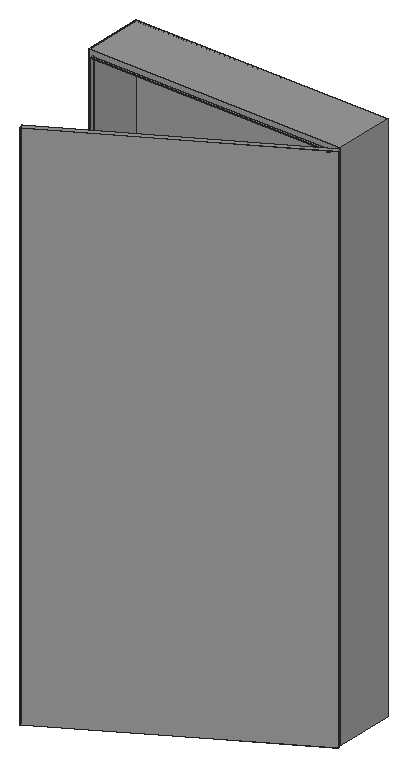
Revit family "Hager-Univers-IP44-D205-H1700-Cl.II-Encl-NoHosted-CH-it", category Electrical Equipment, Revit 2020
Family settings
  Panel Configuration = Two Columns, Circuits Across
  Round Connector Dimension = Use Diameter
  Part Type = Panelboard
  Work Plane-Based = Yes
  Always vertical = Yes
  Cut with Voids When Loaded = No
  Shared = No
  Room Calculation Point = No
Parameters (values of type "A parete IP44 L800 A1700 P205  - FP13SN2")
  Width Control [instance] = if([EF000008 - Larghezza] > Min Width, [EF000008 - Larghezza], Min Width)  # 800 mm
  Type Comments = [HG000003 - Gamma]  # "Univers"
  Thickness Door [instance] = if([EF009171 - spessore materiale porta/coperchio] > 3 mm, 3 mm, [EF009171 - spessore materiale porta/coperchio])  # 1 mm
  Seal Frame Offset [instance] = 17 mm  # constant formula
  Plinth Visibility [instance] = [HG000027 - Altezza dello zoccolo] > 0 mm  # no
  Min Width [instance] = 100 mm  # constant formula
  Min Depth [instance] = (2 * [EF009170 - spessore materiale scatola]) + 1 mm  # 3 mm
  Min Height [instance] = 100 mm  # constant formula
  Internal Frame Depth [instance] = (Door System Depth * 0.5)  # 9 mm
  Panel Name [instance] = ""  # (empty or 0)
  Model = ""
  HG000027 - Altezza dello zoccolo = 0 mm
  HG000026 - A pavimento = no
  HG000024 - Altezza della sezione inferiore = 600 mm
  HG000023 - Custodia a doppia sezione = no
  HG000016 - Visibilità delle porte nella vista 3D [instance] = yes
  HG000015 - Visibilità attraverso la porta [instance] = no
  HG000014 - Porta destra [instance] = yes
  HG000013 - Porta sinistra [instance] = not([HG000014 - Porta destra])  # no
  HG000012 - Angolo di apertura della porta [instance] = 30.00°
  HG000010 - Porte asimmetriche = no
  HG000009 - Porta doppia a battente = no
  HG000006 - Ad incasso = no
  HG000004 - Codice produttore = "FP13SN2"
  HG000003 - Gamma = "Univers"
  HG000002 - Con porta = yes
  Frame Offset Bottom [instance] = 10 mm  # constant formula
  Frame Offset [instance] = 15 mm  # constant formula
  EF015940 - Coprire con rilascio di sovrapressione = no
  EF011959 - tipo di protezione (NEMA) = ""
  EF009554 - numero delle aperture per la piastra della flangia = 6
  EF009212 - esecuzione coperchio = "EV000116 - chiuso"
  EF009171 - spessore materiale porta/coperchio = 1 mm
  EF009170 - spessore materiale scatola = 1 mm
  EF008873 - corrente nominale (In) = 400 A
  EF007800 - adatto per parafulmine = no
  EF006306 - con serratura = no
  EF006244 - coperchio/porta trasparente = no
  EF005474 - grado di protezione (IP) = "EV006418 - IP44"
  EF004464 - tipo di porta = "EV002646 - singolo"
  EF004427 - numero di moduli = 396
  EF004293 - resistenza agli urti = "EV006815 - IK09"
  EF003532 - adatto per uso esterno = no
  EF002950 - Numero moduli DIN = 36
  EF001613 - Integrità del circuito = "EV000494 - senza"
  EF001596 - Attacco Lampada = "EV000179 - acciaio"
  EF001131 - profondità interna = 143 mm
  EF001088 - possibilità di applicazione = yes
  EF000437 - numero di ingressi per conduttori = 6
  EF000339 - tipo di copertura = "EV001012 - coperchio"
  EF000266 - numero di file = 11
  EF000218 - profondità di incasso = 205 mm
  EF000118 - con piastra di montaggio = no
  EF000116 - numero RAL = "9010"
  EF000049 - profondità = 205 mm
  EF000040 - Altezza = 1700 mm
  EF000008 - Larghezza = 800 mm
  EF000007 - colore = "EV000202 - bianco"
  EF000003 - Tipo di montaggio = "EV000384 - A parete"
  Door System Leaf Tolerance [instance] = 1.5 mm  # constant formula
  Door System Depth [instance] = 18 mm  # constant formula
  Door Height [instance] = Height Control - [HG000027 - Altezza dello zoccolo]  # 1700 mm
  Description = ""
  Default Elevation = 1219.2 mm
  Connector Offset [instance] = Height Control / 2  # 850 mm
  Manufacturer = "Hager"  # constant formula
  Height Control [instance] = if([EF000040 - Altezza] > Min Height, [EF000040 - Altezza], Min Height)  # 1700 mm
  Depth Control [instance] = if([EF000049 - profondità] > Min Depth, [EF000049 - profondità], Min Depth)  # 205 mm
  Bottom Top Plate Trim [instance] = 1.5 mm  # constant formula
  Plinth height Ctrl [instance] = if([HG000027 - Altezza dello zoccolo] > 0 mm, [HG000027 - Altezza dello zoccolo], 12 mm)  # 12 mm
Types (5, lengths in mm): name | Width Control | HG000010 - Porte asimmetriche | HG000009 - Porta doppia a battente | HG000004 - Codice produttore | EF009554 - numero delle aperture per la piastra della flangia | EF008873 - corrente nominale (In) | EF004464 - tipo di porta | EF004427 - numero di moduli | EF002950 - Numero moduli DIN | EF000437 - numero di ingressi per conduttori | EF000008 - Larghezza
  A parete IP44 L1050 A1700 P205  - FP14SN2 | 1050 | no | yes | "FP14SN2" | 8 | 400 A | "EV003602 - doppio" | 528 | 48 | 8 | 1050
  A parete IP44 L1300 A1700 P205  - FP15SN2 | 1300 | yes | yes | "FP15SN2" | 10 | 400 A | "EV003602 - doppio" | 660 | 60 | 10 | 1300
  A parete IP44 L300 A1700 P205  - FP11SN2 | 300 | no | no | "FP11SN2" | 2 | 250 A | "EV002646 - singolo" | 132 | 12 | 2 | 300
  A parete IP44 L550 A1700 P205  - FP12SN2 | 550 | no | no | "FP12SN2" | 4 | 250 A | "EV002646 - singolo" | 264 | 24 | 4 | 550
  A parete IP44 L800 A1700 P205  - FP13SN2 | 800 | no | no | "FP13SN2" | 6 | 400 A | "EV002646 - singolo" | 396 | 36 | 6 | 800
Reference planes
  plane 1 "Center (Front/Back)": y = 0
  plane 2: z = 0
  plane 3 "Center (Left/Right)": x = 0
  plane 4: y = 0
  plane 5: y = 0
  plane 6: z = 0
  plane 7: x = -400
  plane 8: x = 400
  plane 9: x = 399
  plane 10: x = -399
  plane 11: z = 0
  plane 12: z = 1
  plane 13: y = -205
  plane 14: y = -1
  plane 15: x = 0
  plane 16: y = -187
  plane 17: y = -204
  plane 18: y = -186
  plane 19: x = -384
  plane 20: x = 384
  plane 21: z = 11
  plane 22: x = -383
  plane 23: x = 383
  plane 24: z = 0
  plane 25: z = 1700
  plane 26: z = 1700
  plane 27: z = 1684
  plane 28: z = 1699
Forms (mm)
  Extrusion 1, solid, material "Hager_Steel_RAL7035_Light_Grey", detail levels medium+fine
    sketch origin (-208.679, -4572, 0) x (-1, 0, 0) y (0, -1, 0)
      loop
        line (191.321, -4385) -> (-608.679, -4385) -> (-608.679, -4572) -> (191.321, -4572) -> (191.321, -4385)
    from 0 to 1700
  Extrusion 2, void
    sketch origin (-350.771, -205, 1219.2) x (1, 0, 0) y (0, 0, 1)
      loop
        line (-48.229, 479.8) -> (-48.229, -1218.2) -> (749.771, -1218.2) -> (749.771, 479.8) -> (-48.229, 479.8)
    from -19 to -204
  Extrusion 3, void
    sketch origin (-290.084, -187, 1219.2) x (1, 0, 0) y (0, 0, 1)
      loop
        line (-93.916, -1208.2) -> (674.084, -1208.2) -> (674.084, 464.8) -> (-93.916, 464.8) -> (-93.916, -1208.2)
    from 0 to -1
  Extrusion 4, solid, material "Hager_Steel_RAL7035_Light_Grey", visible <- "Plinth Visibility", detail levels medium+fine
    sketch origin (0, 0, 0) x (1, 0, 0) y (0, 1, 0)
      loop
        line (-400, 0) -> (-400, -187) -> (400, -187) -> (400, 0) -> (-400, 0)
    from 0 to 12 <- "Plinth height Ctrl"
  Extrusion 5, solid, material "Hager_Steel_RAL7035_Light_Grey", detail levels coarse
    sketch origin (0, 0, 0) x (1, 0, 0) y (0, 1, 0)
      loop
        line (-400, 0) -> (-400, -205) -> (400, -205) -> (400, 0) -> (-400, 0)
    from 0 to 1700 <- "Height Control"
  Sweep 6, void
    path in 3D
      loop
        line (-400, -187, 12) -> (400, -187, 12) -> (400, 0, 12) -> (-400, 0, 12) -> (-400, -187, 12)
    profile origin (-400, -93.5, 12) x (1, 0, 0) y (0, 0, 1)
      loop
        line (0, 0) -> (0, -1.5) -> (1.5, -1.5)
        arc (1.5, -1.5) -> (1.061, -0.439) -> (0, 0) r 1.5
  Extrusion 7, solid, material "Hager_Steel_RAL7035_Light_Grey", detail levels fine
    sketch origin (-400, -187, 0) x (1, 0, 0) y (0, 0, 1)
      loop
        line (16, 11) -> (784, 11) -> (784, 1684) -> (16, 1684) -> (16, 11)
      loop
        line (15, 10) -> (785, 10) -> (785, 1685) -> (15, 1685) -> (15, 10)
    from 0 to 9 <- "Internal Frame Depth"
Cuts and joins
  Extrusion 2, Extrusion 3 cuts Extrusion 1
  Sweep 6 cuts Extrusion 4
Lines and regions (mm)
  Masking region 1
    outline origin (0, 0, 0) x (1, 0, 0) y (0, 1, 0)
      loop
        line (-400, 0) -> (-400, -205) -> (400, -205) -> (400, 0) -> (-400, 0)
  Masking region 2, detail levels coarse
    outline origin (-290.084, -187, 1219.2) x (-1, 0, 0) y (0, 0, 1)
      loop
        line (-690.084, -1219.2) -> (109.916, -1219.2) -> (109.916, 480.8) -> (-690.084, 480.8) -> (-690.084, -1219.2)
  Masking region 3, detail levels coarse
    outline origin (0, 0, 0) x (0, 1, 0) y (0, 0, 1)
      loop
        line (0, 0) -> (0, 1700) -> (-205, 1700) -> (-205, 0) -> (0, 0)
  Masking region 4, visible <- "Plinth Visibility", detail levels medium+fine
    outline origin (0, 0, 0) x (0, 1, 0) y (0, 0, 1)
      loop
        line (-1.5, 12) -> (-185.5, 12)
        arc (-185.5, 12) -> (-185.939, 10.939) -> (-187, 10.5) r 1.5
        line (-187, 10.5) -> (-187, 0) -> (0, 0) -> (0, 10.5)
        arc (0, 10.5) -> (-1.061, 10.939) -> (-1.5, 12) r 1.5
  Masking region 5, detail levels medium+fine
    outline origin (0, 0, 594.038) x (0, 1, 0) y (0, 0, 1)
      loop
        line (0, -594.038) -> (0, 1105.962) -> (-187, 1105.962) -> (-187, -594.038) -> (0, -594.038)
  Masking region 6, detail levels medium+fine
    outline origin (-359.7, -187, 1211.883) x (-1, 0, 0) y (0, 0, 1)
      loop
        line (-759.7, -1211.883) -> (40.3, -1211.883) -> (40.3, 488.117) -> (-759.7, 488.117) -> (-759.7, -1211.883)
  Masking region 7, visible <- "Plinth Visibility", detail levels medium+fine
    outline origin (-320.334, -187, 1041.368) x (-1, 0, 0) y (0, 0, 1)
      loop
        line (-720.334, -1041.368) -> (79.666, -1041.368) -> (79.666, -1030.868)
        arc (79.666, -1030.868) -> (78.606, -1030.429) -> (78.166, -1029.368) r 1.5
        line (78.166, -1029.368) -> (-718.834, -1029.368)
        arc (-718.834, -1029.368) -> (-719.273, -1030.429) -> (-720.334, -1030.868) r 1.5
        line (-720.334, -1030.868) -> (-720.334, -1041.368)
  sketch lines
    curve 1: line (-400, 0, 12) -> (-400, -187, 12)
    curve 2: line (-400, -187, 12) -> (400, -187, 12)
    curve 3: line (400, 0, 12) -> (-400, 0, 12)
    curve 4: line (400, -187, 12) -> (400, 0, 12)
Dimensions and locks
  locked: plane 1 "Center (Front/Back)" to plane 5
  "EF009170 - spessore materiale scatola": plane 7 to plane 10
  "EF009170 - spessore materiale scatola": plane 8 to plane 9
  equal spacing: plane 7, plane 3 "Center (Left/Right)", plane 8
  "Width Control": plane 7 to plane 8
  "Depth Control": plane 4 to plane 13
  "EF009170 - spessore materiale scatola": plane 4 to plane 14
  "Height Control": plane 25 to level
  "HG000027 - Altezza dello zoccolo": plane 11 to level
  "EF009170 - spessore materiale scatola": plane 12 to plane 11
  "EF009170 - spessore materiale scatola": plane 17 to plane 13
  "EF009170 - spessore materiale scatola": plane 18 to plane 16
  "Frame Offset Bottom": plane 21 to plane 12
  "Frame Offset": plane 10 to plane 19
  "Frame Offset": plane 9 to plane 20
  "Door System Depth": plane 16 to plane 13
  "Seal Frame Offset": plane 7 to plane 22
  "Seal Frame Offset": plane 8 to plane 23
  "EF009170 - spessore materiale scatola": plane 26 to plane 28
  "Frame Offset": plane 28 to plane 27
  "Connector Offset": plane 2 to connector elem
  "Bottom Top Plate Trim": profile plane to Sweep 6 sketch curve
  "Bottom Top Plate Trim": Sweep 6 sketch curve to Sweep 6 sketch curve
  "Plinth height Ctrl": Masking region 4 sketch curve to level
  "Plinth height Ctrl": Masking region 7 sketch curve to level
  "Thickness Door": Extrusion 7 sketch curve to Extrusion 7 sketch curve  (x4)
  "Bottom Top Plate Trim": radius of Sweep 6 sketch curve
  "Bottom Top Plate Trim": radius of Masking region 4 sketch curve  (x2)
  "Bottom Top Plate Trim": radius of Masking region 7 sketch curve  (x2)
  aligned and locked: Extrusion 2 sketch curve to plane 12
  aligned and locked: Extrusion 2 sketch curve to plane 9
  aligned and locked: Extrusion 2 sketch curve to plane 10
  aligned and locked: Extrusion 2 to plane 14
  aligned and locked: Extrusion 1 sketch curve to plane 4
  aligned and locked: plane 8 to Extrusion 1 sketch curve
  aligned and locked: plane 7 to Extrusion 1 sketch curve
  aligned and locked: Extrusion 2 to plane 18
  aligned and locked: Extrusion 3 sketch curve to plane 19
  aligned and locked: plane 20 to Extrusion 3 sketch curve
  aligned and locked: Extrusion 3 to Extrusion 2
  aligned and locked: Extrusion 3 sketch curve to plane 21
  aligned and locked: plane 3 "Center (Left/Right)" to nested 1
  aligned and locked: Extrusion 1 sketch curve to plane 16
  aligned and locked: Extrusion 4 sketch curve to cut or joined group of Extrusion 1, Extrusion 2, Extrusion 3
  aligned and locked: Masking region 1 sketch curve to plane 7
  aligned and locked: Masking region 1 sketch curve to plane 5
  aligned and locked: Masking region 1 sketch curve to plane 8
  aligned and locked: Masking region 2 sketch curve to level
  aligned and locked: level to Masking region 3 sketch curve
  aligned and locked: plane 1 "Center (Front/Back)" to Masking region 3 sketch curve
  aligned and locked: plane 13 to Masking region 3 sketch curve
  aligned and locked: plane 5 to Masking region 4 sketch curve
  aligned and locked: Masking region 2 sketch curve to plane 8
  aligned and locked: Masking region 2 sketch curve to plane 7
  aligned and locked: plane 7 to nested 2
  aligned and locked: nested 2 to plane 5
  aligned and locked: plane 5 to Masking region 5 sketch curve
  aligned and locked: plane 26 to Masking region 5 sketch curve
  aligned and locked: Extrusion 5 sketch curve to plane 8
  aligned and locked: Extrusion 5 sketch curve to plane 7
  aligned and locked: Extrusion 5 sketch curve to plane 5
  aligned and locked: Extrusion 3 sketch curve to plane 27
  aligned and locked: Extrusion 2 sketch curve to plane 28
  aligned and locked: Masking region 2 to plane 25
  aligned and locked: Extrusion 4 to plane 16
  aligned and locked: profile plane to Sweep 6 sketch curve
  aligned and locked: Masking region 5 sketch curve to plane 24
  aligned and locked: level to Masking region 4 sketch curve
  aligned and locked: Masking region 1 to plane 13
  aligned and locked: nested 1 to plane 16
  aligned and locked: Masking region 3 to plane 25
  aligned and locked: plane 16 to Masking region 4 sketch curve
  aligned and locked: Masking region 5 sketch curve to plane 16
  aligned and locked: plane 24 to plane 11
  aligned and locked: plane 26 to plane 25
  aligned and locked: plane 26 to cut or joined group of Extrusion 1, Extrusion 2, Extrusion 3
  aligned and locked: nested 1 to plane 24
  aligned and locked: Extrusion 1 to Extrusion 3
  aligned and locked: Masking region 6 sketch curve to plane 8
  aligned and locked: Masking region 6 sketch curve to plane 24
  aligned and locked: Masking region 6 sketch curve to plane 7
  aligned and locked: Masking region 6 sketch curve to plane 26
  aligned and locked: Masking region 7 sketch curve to plane 7
  aligned and locked: level to Masking region 7 sketch curve
  aligned and locked: Masking region 7 sketch curve to plane 8
  aligned and locked: Extrusion 7 sketch curve to cut or joined group of Extrusion 1, Extrusion 2, Extrusion 3  (x4)
Automatic sketch dimensions
  plane 19 to Extrusion 3 sketch curve = 0 mm
  Extrusion 3 sketch curve to plane 20 = 0 mm
  Extrusion 3 sketch curve to plane 21 = 0 mm
  Extrusion 4 sketch curve to plane 7 = 0 mm
  Extrusion 4 sketch curve to plane 8 = 0 mm
  Extrusion 4 sketch curve to plane 16 = 0 mm
  Masking region 1 sketch curve to plane 13 = 0 mm
  Masking region 2 sketch curve to plane 25 = 0 mm
  Masking region 3 sketch curve to plane 25 = 0 mm
  Extrusion 5 sketch curve to plane 13 = 0 mm
  profile plane to Sweep 6 sketch curve = 0 mm
Nested families
  nested 1: "EC000058_Univers_Door" at (0, -187, 0), Double <- "HG000009 - Porta doppia a battente", Transparent <- "EF006244 - coperchio/porta trasparente", Angle <- "HG000012 - Angolo di apertura della porta", Door_Right <- "HG000014 - Porta destra", Assymetrical <- "HG000010 - Porte asimmetriche", Door <- "HG000002 - Con porta", Width_Ctrl <- "Width Control", 3d_Door <- "HG000016 - Visibilità delle porte nella vista 3D", Clearance <- "HG000015 - Visibilità attraverso la porta", Door_Left <- "HG000013 - Porta sinistra", Width <- "Width Control", Door_Depth <- "Door System Depth", Leaf_Tolerance <- "Door System Leaf Tolerance", Height <- "Door Height", Lock_Visibility <- "EF006306 - con serratura", Thickness <- "Thickness Door", type "EC000058_Univers_Door", detail levels medium+fine
    with min_wh 3 mm, Width_Ctrl 800 mm, Width 800 mm, Transparent no, Thickness 1 mm, Seal_Material Hager_Rubber, Lock_Visibility no, Lock_Material Hager_Plastic_RAL9005_Jet_Black, Leaf_Width 800 mm, Leaf_Tolerance_External_Sides 0 mm, Leaf_Tolerance 1.5 mm, Leaf_Offset 0 mm, Leaf_Height 1697 mm, Leaf_2_Width 800 mm, Leaf_2_Offset 400 mm, Leaf_1_Width 800 mm, Leaf_1_Offset 400 mm, Height_Ctrl 1700 mm, Height 1700 mm, Glass_Material Hager_Glass, Double_Clearance_Ctrl no, Double no, Door_Right_Ctrl yes, Door_Right yes, Door_Material Hager_Steel_RAL7035_Light_Grey, Door_Left_Ctrl no, Door_Left no, Door_Depth 18 mm, Door yes, Clearance_Material Hager_Clearance, Clearance_Depth 800 mm, Clearance_Ctrl no, Clearance no, Assymetrical no, Angle 30.00°, 3d_Door yes
  nested 2: "Hager_Enclosure_Symbol" at (-400, 0, 0), Height <- "Depth Control", Width <- "Width Control", type "Hager_Enclosure_Symbol"
    with Width_Ctrl 800 mm, Width 800 mm, Height_Ctrl 205 mm, Height 205 mm, A_Width_Int 13.453 mm, A_Width 161.438 mm, A_Height_Ctrl 179.375 mm, A_Height 179.375 mm
Connectors
  electrical at (0, 0, 850)
    settings: on plane 1 "Center (Front/Back)", index 1, voltage 0 V, apparent load 0 VA, apparent load phase1 0 VA, apparent load phase2 0 VA, apparent load phase3 0 VA, power factor 1, load classification "Other", number of poles 1, system type 30, power factor state 1, is connector primary yes, connector utility no, sub classification motor no, connector description ""
Definition of nested family "EC000058_Univers_Door"
  Parameters (values of type "EC000058_Univers_Door")
    min_wh [instance] = (2 * Thickness) + 1 mm  # 11 mm
    Width_Ctrl [instance] = 400 mm
    Width [instance] = 500 mm
    Transparent [instance] = yes
    Thickness [instance] = 5 mm
    Seal_Material [instance] = none
    Lock_Visibility [instance] = yes
    Lock_Material [instance] = none
    Leaf_Width [instance] = if((Width_Ctrl - 2 * Leaf_Tolerance_External_Sides) > 0 mm, (Width_Ctrl - 2 * Leaf_Tolerance_External_Sides), min_wh)  # 400 mm
    Leaf_Tolerance_External_Sides [instance] = 0 mm  # constant formula
    Leaf_Tolerance [instance] = 1.5 mm
    Leaf_Offset [instance] = 0 mm  # constant formula
    Leaf_Height [instance] = if((Height_Ctrl - 2 * Leaf_Tolerance) > 0 mm, (Height_Ctrl - 2 * Leaf_Tolerance), min_wh)  # 497 mm
    Leaf_2_Width [instance] = if(and(and(Double, Assymetrical), Door_Left), (Leaf_Width / 3) - (Leaf_Tolerance / 2), if(and(and(Double, Assymetrical), Door_Right), (Leaf_Width / 3) * 2 - (Leaf_Tolerance / 2), if(and(Double, not(Assymetrical)), (Leaf_Width / 2) - Leaf_Tolerance, Leaf_Width)))  # 400 mm
    Leaf_2_Offset [instance] = if(and(Double, Assymetrical), Leaf_2_Width / 2, if(and(Double, not(Assymetrical)), Leaf_Width / 4, Leaf_Width / 2))  # 200 mm
    Leaf_1_Width [instance] = if(and(and(Double, Assymetrical), Door_Right), (Leaf_Width / 3) - (Leaf_Tolerance / 2), if(and(and(Double, Assymetrical), Door_Left), (Width / 3) * 2 - (Leaf_Tolerance / 2), if(and(Double, not(Assymetrical)), (Leaf_Width / 2) - Leaf_Tolerance, Leaf_Width)))  # 400 mm
    Leaf_1_Offset [instance] = if(and(Double, Assymetrical), Leaf_1_Width / 2, if(and(Double, not(Assymetrical)), Leaf_Width / 4, Leaf_Width / 2))  # 200 mm
    Height_Ctrl [instance] = if(Height > min_wh, Height, min_wh)  # 500 mm
    Height [instance] = 500 mm
    Glass_Material [instance] = none
    Double_Clearance_Ctrl [instance] = and(Double, Clearance)  # no
    Double [instance] = no
    Door_Right_Ctrl [instance] = and(or(Door_Right, Double), Door)  # yes
    Door_Right [instance] = yes
    Door_Material [instance] = none
    Door_Left_Ctrl [instance] = and(or(Door_Left, Double), Door)  # no
    Door_Left [instance] = no
    Door_Depth [instance] = 30 mm
    Door [instance] = yes
    Default Elevation = 1219.2 mm
    Clearance_Material [instance] = none
    Clearance_Depth [instance] = if(Leaf_1_Width > Leaf_2_Width, Leaf_1_Width, Leaf_2_Width)  # 400 mm
    Clearance_Ctrl [instance] = and(not(Double), Clearance)  # yes
    Clearance [instance] = yes
    Assymetrical [instance] = yes
    Angle [instance] = 30.00°
    3d_Door [instance] = yes
  Reference planes
    plane 1 "Center (Front/Back)": y = 0
    plane 2 "Bottom": z = 0
    plane 3 "Center (Left/Right)": x = 0
    plane 4: z = 500
    plane 5: x = -200
    plane 6: x = 200
    plane 7: z = 500
    plane 8: x = -200
    plane 9: z = 0
    plane 10: x = 200
    plane 11: y = 0
    plane 12: z = 1.5
    plane 13: x = -600
    plane 14: y = -400
    plane 15: x = 600
    plane 16: x = 0
    plane 17: x = 0
    plane 18: x = -200
    plane 19: x = 200
    plane 20: z = 498.5
  Forms (mm)
    Extrusion 1, solid, material <- "Clearance_Material", visible <- "Double_Clearance_Ctrl"
      sketch origin (1200, 0, 0) x (1, 0, 0) y (0, 0, -1)
        loop
          line (-1800, -498.5) -> (-600, -498.5) -> (-600, 0) -> (-1800, 0) -> (-1800, -498.5)
      from 0 to -400
  Dimensions and locks
    equal spacing: plane 5, plane 3 "Center (Left/Right)", plane 6
    "Width_Ctrl": plane 5 to plane 6
    "Leaf_Offset": plane 5 to plane 8
    "Leaf_Offset": plane 6 to plane 10
    "Leaf_Offset": plane 9 to level
    "Leaf_Offset": plane 4 to plane 7
    "Height_Ctrl": plane 4 to level
    "Leaf_Tolerance": plane 12 to plane 9
    locked: plane 11 to plane 1 "Center (Front/Back)"
    "Leaf_1_Offset": plane 18 to plane 16
    "Leaf_2_Offset": plane 17 to plane 19
    "Leaf_1_Width": plane 13 to plane 8
    "Leaf_2_Width": plane 10 to plane 15
    "Clearance_Depth": plane 14 to plane 1 "Center (Front/Back)"
    "Leaf_Tolerance_External_Sides": plane 8 to plane 18
    "Leaf_Tolerance_External_Sides": plane 19 to plane 10
    "Leaf_Tolerance": plane 7 to plane 20
    aligned and locked: level to plane 2 "Bottom"
    aligned and locked: nested 1 to plane 16
    aligned and locked: nested 2 to plane 17
    aligned and locked: Extrusion 1 to plane 13
    aligned and locked: plane 15 to Extrusion 1
    aligned and locked: Extrusion 1 to plane 14
    aligned and locked: plane 12 to nested 1
    aligned and locked: nested 2 to plane 12
    aligned and locked: Extrusion 1 to plane 11
    aligned and locked: plane 20 to Extrusion 1
    aligned and locked: nested 2 to plane 11
    aligned and locked: nested 1 to plane 11
  Automatic sketch dimensions
    Extrusion 1 sketch curve to level = 0 mm
    plane 5 to Extrusion 1 sketch curve = 400 mm
    plane 6 to Extrusion 1 sketch curve = 400 mm
    Extrusion 1 sketch curve to plane 4 = 1.5 mm
  Nested families
    nested 1: "EC000058_Univers_Door_Leaf" at (0, 0, 1.5), Width <- "Leaf_1_Width", visible <- "Door_Left_Ctrl", Leaf_Height <- "Leaf_Height", Angle <- "Angle", 3d_Door <- "3d_Door", Transparent <- "Transparent", Clearance Material <- "Clearance_Material", Clearance <- "Clearance_Ctrl", Door_Material <- "Door_Material", Glass_Material <- "Glass_Material", Door_Depth <- "Door_Depth", Lock_Material <- "Lock_Material", Seal_Material <- "Seal_Material", Lock_Visibility <- "Lock_Visibility", Thickness <- "Thickness", type "EC000058_Univers_Door_Leaf"
      with Width 400 mm, Transparent_Glass_Offset 30 mm, Transparent_Ctrl yes, Transparent yes, Thickness 5 mm, Standard no, Seal_Material none, Seal_D2 8 mm, Seal_D1 1 mm, Offset_Internal_Frame 10 mm, Lock_Width 20 mm, Lock_Visibility_3d yes, Lock_Visibility yes, Lock_Thickness_3 3 mm, Lock_Thickness_2 1 mm, Lock_Thickness_1 3 mm, Lock_Radius_Offset_2 16 mm, Lock_Radius_Offset_1 15 mm, Lock_Radius_2 5 mm, Lock_Radius 6 mm, Lock_Offset 5 mm, Lock_Material none, Lock_Height 80 mm, Lock_Cover_Top_Offset_2d 17 mm, Lock_Cover_Height -65 mm, Leaf_Height 497 mm, Internal_Seal_Thickness 8 mm, Internal_Seal_Depth_2 4.5 mm, Internal_Frame_Depth 25 mm, Glass_Thickness -1 mm, Glass_Offset -2 mm, Glass_Material none, Door_Material none, Door_Depth 30 mm, Clearance Material none, Clearance yes, Angle_Ctrl 30.00°, Angle 30.00°, 3d_Door yes
    nested 2: "EC000058_Univers_Door_Leaf" at (0, 0, 1.5) x (-1, 0, 0) z (0, 0, 1), Width <- "Leaf_2_Width", visible <- "Door_Right_Ctrl", Leaf_Height <- "Leaf_Height", Angle <- "Angle", 3d_Door <- "3d_Door", Transparent <- "Transparent", Clearance Material <- "Clearance_Material", Clearance <- "Clearance_Ctrl", Door_Material <- "Door_Material", Glass_Material <- "Glass_Material", Door_Depth <- "Door_Depth", Lock_Material <- "Lock_Material", Seal_Material <- "Seal_Material", Lock_Visibility <- "Lock_Visibility", Thickness <- "Thickness", type "EC000058_Univers_Door_Leaf"
      with Width 400 mm, Transparent_Glass_Offset 30 mm, Transparent_Ctrl yes, Transparent yes, Thickness 5 mm, Standard no, Seal_Material none, Seal_D2 8 mm, Seal_D1 1 mm, Offset_Internal_Frame 10 mm, Lock_Width 20 mm, Lock_Visibility_3d yes, Lock_Visibility yes, Lock_Thickness_3 3 mm, Lock_Thickness_2 1 mm, Lock_Thickness_1 3 mm, Lock_Radius_Offset_2 16 mm, Lock_Radius_Offset_1 15 mm, Lock_Radius_2 5 mm, Lock_Radius 6 mm, Lock_Offset 5 mm, Lock_Material none, Lock_Height 80 mm, Lock_Cover_Top_Offset_2d 17 mm, Lock_Cover_Height -65 mm, Leaf_Height 497 mm, Internal_Seal_Thickness 8 mm, Internal_Seal_Depth_2 4.5 mm, Internal_Frame_Depth 25 mm, Glass_Thickness -1 mm, Glass_Offset -2 mm, Glass_Material none, Door_Material none, Door_Depth 30 mm, Clearance Material none, Clearance yes, Angle_Ctrl 30.00°, Angle 30.00°, 3d_Door yes
  Definition of nested family "EC000058_Univers_Door_Leaf"
    Parameters (values of type "EC000058_Univers_Door_Leaf")
      Width [instance] = 2000 mm
      Transparent_Glass_Offset [instance] = 30 mm
      Transparent_Ctrl [instance] = and(Transparent, [3d_Door])  # yes
      Transparent [instance] = yes
      Thickness [instance] = 5 mm
      Standard [instance] = and(not(Transparent), [3d_Door])  # no
      Seal_Material [instance] = none
      Seal_D2 [instance] = 8 mm  # constant formula
      Seal_D1 [instance] = 1 mm  # constant formula
      Offset_Internal_Frame [instance] = 10 mm  # constant formula
      Lock_Width [instance] = 20 mm  # constant formula
      Lock_Visibility_3d [instance] = and(Lock_Visibility, [3d_Door])  # yes
      Lock_Visibility [instance] = yes
      Lock_Thickness_3 [instance] = 3 mm  # constant formula
      Lock_Thickness_2 [instance] = 1 mm  # constant formula
      Lock_Thickness_1 [instance] = 3 mm  # constant formula
      Lock_Radius_Offset_2 [instance] = Lock_Radius_Offset_1 + 1 mm  # 16 mm
      Lock_Radius_Offset_1 [instance] = 15 mm  # constant formula
      Lock_Radius_2 [instance] = Lock_Radius - 1 mm  # 5 mm
      Lock_Radius [instance] = 6 mm  # constant formula
      Lock_Offset [instance] = 5 mm  # constant formula
      Lock_Material [instance] = none
      Lock_Height [instance] = 80 mm  # constant formula
      Lock_Cover_Top_Offset_2d [instance] = Lock_Radius_Offset_2 + 1 mm  # 17 mm
      Lock_Cover_Height [instance] = -(Lock_Height - Lock_Radius_Offset_1)  # -65 mm
      Leaf_Height [instance] = 2720.336 mm
      Internal_Seal_Thickness [instance] = 8 mm  # constant formula
      Internal_Seal_Depth_2 [instance] = 4.5 mm  # constant formula
      Internal_Frame_Depth [instance] = if(Door_Depth - Thickness > 5 mm, Door_Depth - Thickness, 5 mm)  # 25 mm
      Glass_Thickness [instance] = if(Thickness > 15 mm, Glass_Offset + 10 mm, -1 mm)  # -1 mm
      Glass_Offset [instance] = if(Thickness > 15 mm, -(Thickness + 10 mm) / 2, -2 mm)  # -2 mm
      Glass_Material [instance] = none
      Door_Material [instance] = none
      Door_Depth [instance] = 30 mm
      Default Elevation = 0 mm
      Clearance Material [instance] = none
      Clearance [instance] = yes
      Angle_Ctrl [instance] = if(Angle > 180.00°, 180.00°, Angle)  # 90.00°
      Angle [instance] = 90.00°
      3d_Door [instance] = yes
    Reference planes
      plane 1 "Center (Front/Back)": y = 0
      plane 2: z = 0
      plane 3 "Center (Left/Right)": x = 0
      plane 4: y = 2000
      plane 5: x = -1000
      plane 6: x = 1000
      plane 7: x = -3000
      plane 8: z = 2720.336
      plane 9: z = 30
      plane 10: z = 2690.336
      plane 11: x = 970
      plane 12: x = -970
      plane 13: y = -3
      plane 14: z = 107.833
      plane 15: y = -5
      plane 16: y = -223.314
      plane 17: x = -1000
      plane 18: z = 1360.168
      plane 19: y = 30
    Forms (mm)
      Extrusion 1, solid, material <- "Clearance Material", visible <- "Clearance"
        sketch origin (0, 0, 0) x (1, 0, 0) y (0, 0, 1)
          loop
            line (-3000, 2720.336) -> (-3000, 0) -> (1000, 0) -> (1000, 2720.336) -> (-3000, 2720.336)
        from 0 to -2000
      Extrusion 2, solid, material <- "Door_Material", visible <- "Standard", detail levels medium+fine
        sketch origin (-1000, 0, 0) x (0, 1, 0) y (-1, 0, 0)
          loop
            line (0, 30) -> (0, 25) -> (2000, 25) -> (2000, 30) -> (0, 30)
        from 0 to 2720.336 <- "Leaf_Height"
      Extrusion 3, solid, material <- "Door_Material", visible <- "Transparent_Ctrl", detail levels medium+fine
        sketch origin (-1000, 0, 0) x (0, 1, 0) y (-1, 0, 0)
          loop
            line (0, 25) -> (2000, 25) -> (2000, 30) -> (0, 30) -> (0, 25)
        from 0 to 2720.336 <- "Leaf_Height"
      Extrusion 4, void
        sketch origin (-1025, 2000, 0) x (0, 1, 0) y (0, 0, -1)
          loop
            line (-30, -2690.336) -> (-30, -30) -> (-1970, -30) -> (-1970, -2690.336) -> (-30, -2690.336)
        from 0 to 5 <- "Thickness"
      Sweep 5, solid, material <- "Seal_Material", visible <- "Transparent_Ctrl", detail levels fine
        path in 3D
          loop
            line (-1025, 30, 30) -> (-1025, 30, 2690.336) -> (-1025, 1970, 2690.336) -> (-1025, 1970, 30) -> (-1025, 30, 30)
        profile origin (-1025, 1000, 30) x (1, 0, 0) y (0, 0, 1)
          loop
            line (0, 0) -> (0, -8) -> (1, -8) -> (1, 0) -> (0, 0)
      Extrusion 6, solid, material <- "Glass_Material", visible <- "Transparent_Ctrl", detail levels medium+fine
        sketch origin (-1030, 0, 0) x (0, 1, 0) y (0, 0, -1)
          loop
            line (1970, -2690.336) -> (1970, -30) -> (30, -30) -> (30, -2690.336) -> (1970, -2690.336)
        from -2 <- "Glass_Offset" to -1 <- "Glass_Thickness"
      Extrusion 7, solid, material <- "Door_Material", visible <- "3d_Door", detail levels medium+fine
        sketch origin (-1025, 2000, 0) x (0, -1, 0) y (0, 0, -1)
          loop
            line (0, -2720.336) -> (2000, -2720.336) -> (2000, 0) -> (0, 0) -> (0, -2720.336)
          loop
            line (1995, -5) -> (5, -5) -> (5, -2715.336) -> (1995, -2715.336) -> (1995, -5)
        from 0 to 25 <- "Internal_Frame_Depth"
      Sweep 8, solid, material <- "Seal_Material", visible <- "Transparent_Ctrl", detail levels fine
        path in 3D
          loop
            line (-1025, 0, 0) -> (-1025, 2000, 0) -> (-1025, 2000, 2720.336) -> (-1025, 0, 2720.336) -> (-1025, 0, 0)
        profile origin (-1025, 0, 1360.168) x (1, 0, 0) y (0, 1, 0)
          loop
            line (0, 10) -> (2.975, 10)
            arc (2.975, 10) -> (4.053, 10.447) -> (4.5, 11.525) r 1.525
            line (4.5, 11.525) -> (4.5, 16.527)
            arc (4.5, 16.527) -> (4.069, 17.569) -> (3.027, 18) r 1.473
            line (3.027, 18) -> (0, 18) -> (0, 10)
      Extrusion 9, solid, material <- "Lock_Material", visible <- "Lock_Visibility_3d", detail levels fine
        sketch origin (-1030, 0, 0) x (0, 1, 0) y (0, 0, -1)
          loop
            arc (1993.5, -1400.168) -> (1994.561, -1399.729) -> (1995, -1398.668) r 1.5
            line (1995, -1398.668) -> (1995, -1320.168) -> (1975, -1320.168) -> (1975, -1398.668)
            arc (1975, -1398.668) -> (1975.439, -1399.729) -> (1976.5, -1400.168) r 1.5
            line (1976.5, -1400.168) -> (1993.5, -1400.168)
        from 3 <- "Lock_Thickness_1" to 0
      Blend 10, solid, material <- "Lock_Material", visible <- "Lock_Visibility_3d", detail levels fine
        base sketch origin (-1033, 0, 0) x (0, 1, 0) y (0, 0, -1)
          loop
            line (1975, -1320.168) -> (1975, -1398.668)
            arc (1975, -1398.668) -> (1975.439, -1399.729) -> (1976.5, -1400.168) r 1.5
            line (1976.5, -1400.168) -> (1993.5, -1400.168)
            arc (1993.5, -1400.168) -> (1994.561, -1399.729) -> (1995, -1398.668) r 1.5
            line (1995, -1398.668) -> (1995, -1320.168) -> (1975, -1320.168)
        top sketch origin (-1033, 0, 0) x (0, 1, 0) y (0, 0, -1)
          loop
            line (1976, -1320.168) -> (1976, -1398.668)
            arc (1976, -1398.668) -> (1976.146, -1399.022) -> (1976.5, -1399.168) r 0.5
            line (1976.5, -1399.168) -> (1993.5, -1399.168)
            arc (1993.5, -1399.168) -> (1993.854, -1399.022) -> (1994, -1398.668) r 0.5
            line (1994, -1398.668) -> (1994, -1320.168) -> (1976, -1320.168)
        from 0 to 1 <- "Lock_Thickness_2"
      Blend 11, solid, material <- "Lock_Material", visible <- "Lock_Visibility_3d", detail levels fine
        base sketch origin (-1034, 0, 0) x (0, 1, 0) y (0, 0, -1)
          loop
            line (1978, -1320.168) -> (1978, -1384.168)
            arc (1978, -1384.168) -> (1985, -1391.168) -> (1992, -1384.168) r 7
            line (1992, -1384.168) -> (1992, -1320.168) -> (1978, -1320.168)
        top sketch origin (-1034, 0, 0) x (0, 1, 0) y (0, 0, -1)
          loop
            line (1991, -1320.168) -> (1979, -1320.168) -> (1979, -1383.168)
            arc (1979, -1383.168) -> (1985, -1389.168) -> (1991, -1383.168) r 6
            line (1991, -1383.168) -> (1991, -1320.168)
        from 0 to 3 <- "Lock_Thickness_3"
      Extrusion 12, solid, material <- "Lock_Material", visible <- "Lock_Visibility_3d", detail levels fine
        sketch origin (-1030, 1975, 1320.168) x (1, 0, 0) y (0, -1, 0)
          loop
            line (-7, -19) -> (-7, -1) -> (0, -1) -> (0, 0) -> (-8, 0) -> (-8, -20) -> (0, -20) -> (0, -19) -> (-7, -19)
        from 0 to -65 <- "Lock_Cover_Height"
      Extrusion 13, void
        sketch origin (-1038, 1995, 1320.168) x (-1, 0, 0) y (0, 0, -1)
          loop
            line (-5, -65) -> (0, -65) -> (-5, -60) -> (-5, -65)
        from 0 to 20 <- "Lock_Width"
      Extrusion 14, void
        sketch origin (-1038, 1975, 1320.168) x (0, -1, 0) y (0, 0, -1)
          loop
            circle (-10, -15.995) r 6
          loop
            circle (-10, -15.995) r 5
        from 0 to 2
      Extrusion 15, solid, material <- "Lock_Material", visible <- "Lock_Visibility_3d", detail levels medium
        sketch origin (-1030, 0, 0) x (0, 1, 0) y (0, 0, -1)
          loop
            arc (1993.5, -1400.168) -> (1994.561, -1399.729) -> (1995, -1398.668) r 1.5
            line (1995, -1398.668) -> (1995, -1320.168) -> (1975, -1320.168) -> (1975, -1398.668)
            arc (1975, -1398.668) -> (1975.439, -1399.729) -> (1976.5, -1400.168) r 1.5
            line (1976.5, -1400.168) -> (1993.5, -1400.168)
        from 8 to 0
    Cuts and joins
      Extrusion 4 cuts Extrusion 3
      Extrusion 13, Extrusion 14 cuts Extrusion 9
      Extrusion 14 cuts Blend 11
      Extrusion 13, Extrusion 14 cuts Extrusion 12
      joined: Extrusion 9, Blend 10, Blend 11, Extrusion 12
      Extrusion 14 cuts Extrusion 15
    Lines and regions (mm)
      Masking region 1, visible <- "Lock_Visibility", detail levels fine
        outline origin (0, 0, 0) x (0, 1, 0) y (0, 0, 1)
          loop
            line (30, 1320.168) -> (33, 1320.168) -> (33, 1400.168) -> (30, 1400.168) -> (30, 1320.168)
      Masking region 2, visible <- "Lock_Visibility", detail levels fine
        outline origin (0, 3.143, 0) x (0, 1, 0) y (0, 0, 1)
          loop
            line (29.857, 1354.168) -> (30.857, 1354.168) -> (30.857, 1366.168) -> (29.857, 1366.168) -> (29.857, 1354.168)
      Masking region 3, detail levels medium+fine
        outline origin (0, 0, 0) x (0, 1, 0) y (0, 0, 1)
          loop
            line (0, 0) -> (30, 0) -> (30, 2720.336) -> (0, 2720.336) -> (0, 0)
      Masking region 4, detail levels medium+fine
        outline origin (0, 0, 0) x (1, 0, 0) y (0, 0, 1)
          loop
            line (-1000, 2720.336) -> (-1000, 0) -> (1000, 0) -> (1000, 2720.336) -> (-1000, 2720.336)
      Masking region 5, visible <- "Lock_Visibility", detail levels fine
        outline origin (-47.116, 0, 0) x (1, 0, 0) y (0, 0, 1)
          loop
            arc (1024.616, 1399.168) -> (1023.556, 1398.729) -> (1023.116, 1397.668) r 1.5
            line (1023.116, 1397.668) -> (1023.116, 1320.168) -> (1041.116, 1320.168) -> (1041.116, 1397.668)
            arc (1041.116, 1397.668) -> (1040.677, 1398.729) -> (1039.616, 1399.168) r 1.5
            line (1039.616, 1399.168) -> (1024.616, 1399.168)
      Masking region 6, visible <- "Lock_Visibility", detail levels medium+fine
        outline origin (-25, 0, 0) x (1, 0, 0) y (0, 0, 1)
          loop
            arc (1001.5, 1400.168) -> (1000.439, 1399.729) -> (1000, 1398.668) r 1.5
            line (1000, 1398.668) -> (1000, 1320.168) -> (1020, 1320.168) -> (1020, 1398.668)
            arc (1020, 1398.668) -> (1019.561, 1399.729) -> (1018.5, 1400.168) r 1.5
            line (1018.5, 1400.168) -> (1001.5, 1400.168)
      Masking region 7, visible <- "Lock_Visibility", detail levels fine
        outline origin (-73.735, 0, 0) x (1, 0, 0) y (0, 0, 1)
          loop
            line (1051.735, 1382.168) -> (1065.735, 1382.168) -> (1065.735, 1384.168)
            arc (1065.735, 1384.168) -> (1058.735, 1391.168) -> (1051.735, 1384.168) r 7
            line (1051.735, 1384.168) -> (1051.735, 1382.168)
      Masking region 8, visible <- "Lock_Visibility", detail levels fine
        outline origin (-73.735, 0, 0) x (1, 0, 0) y (0, 0, 1)
          loop
            line (1052.735, 1382.168) -> (1064.735, 1382.168) -> (1064.735, 1383.168)
            arc (1064.735, 1383.168) -> (1058.735, 1389.168) -> (1052.735, 1383.168) r 6
            line (1052.735, 1383.168) -> (1052.735, 1382.168)
      Masking region 9, visible <- "Lock_Visibility", detail levels fine
        outline origin (-25, 0, 0) x (1, 0, 0) y (0, 0, 1)
          loop
            line (1020, 1320.168) -> (1020, 1382.168) -> (1000, 1382.168) -> (1000, 1320.168) -> (1020, 1320.168)
      Masking region 10, detail levels medium+fine
        outline origin (0, 0, 0) x (1, 0, 0) y (0, 0, 1)
          loop
            circle (985, 1335.144) r 6
      Masking region 11, detail levels fine
        outline origin (0, 0, 0) x (1, 0, 0) y (0, 0, 1)
          loop
            circle (985, 1335.144) r 5
      Masking region 12, visible <- "Lock_Visibility", detail levels fine
        outline origin (0, 12.767, 0) x (0, 1, 0) y (0, 0, 1)
          loop
            line (20.233, 1320.168) -> (21.233, 1320.168) -> (21.233, 1399.168) -> (20.233, 1400.168) -> (20.233, 1320.168)
      Masking region 13, visible <- "Lock_Visibility", detail levels fine
        outline origin (0, 13.767, -10) x (0, 1, 0) y (0, 0, 1)
          loop
            line (20.233, 1330.168) -> (23.233, 1330.168) -> (23.233, 1399.168) -> (20.233, 1402.168) -> (20.233, 1330.168)
      Masking region 14, visible <- "Lock_Visibility", detail levels fine
        outline origin (0, 12.767, -10) x (0, 1, 0) y (0, 0, 1)
          loop
            line (20.233, 1330.168) -> (25.233, 1330.168) -> (25.233, 1399.305) -> (20.233, 1394.305) -> (20.233, 1330.168)
      Masking region 15, visible <- "Lock_Visibility", detail levels medium
        outline origin (0, 0, 0) x (0, 1, 0) y (0, 0, 1)
          loop
            line (30, 1320.168) -> (38, 1320.168) -> (38, 1400.168) -> (30, 1400.168) -> (30, 1320.168)
      Masking region 16, visible <- "Lock_Visibility", detail levels fine
        outline origin (-1000, 0, 0) x (0, 1, 0) y (-1, 0, 0)
          loop
            line (1975, 30) -> (1995, 30) -> (1995, 38) -> (1975, 38) -> (1975, 30)
          loop
            line (1979, 37) -> (1976, 37) -> (1976, 34) -> (1978, 34) -> (1979, 37)
          loop
            line (1994, 37) -> (1991, 37) -> (1992, 34) -> (1994, 34) -> (1994, 37)
      Masking region 17, visible <- "Lock_Visibility", detail levels medium
        outline origin (-1000, 0, 0) x (0, 1, 0) y (-1, 0, 0)
          loop
            line (1975, 30) -> (1995, 30) -> (1995, 38) -> (1975, 38) -> (1975, 30)
      symbolic lines
        curve 1: line (1000, 0, 0) -> (-3000, 0, 0)
        curve 2: arc (1000, 0, 0) -> (-1000, 2000, 0) -> (-3000, 0, 0) r 2000
        curve 4: line (-1030, 0, 0) -> (-1030, 2000, 0)
      reference lines
        curve 3: line (-1000, 0, 0) -> (-1000, 2000, 0)
      symbolic lines, detail levels medium+fine
        curve 5: line (-1030, 2000, 0) -> (-1025, 2000, 0)
        curve 7: line (-1025, 0, 0) -> (-1030, 0, 0)
        curve 8: line (-1025, 0, 0) -> (-1000, 0, 0)
        curve 9: line (-1000, 0, 0) -> (-1000, 2000, 0)
        curve 10: line (-1000, 2000, 0) -> (-1025, 2000, 0)
      symbolic lines, detail levels fine
        curve 6: line (-1025, 2000, 0) -> (-1025, 0, 0)
      sketch lines
        curve 11: line (-1025, 0, 2720.336) -> (-1025, 0, 0)
        curve 12: line (-1025, 2000, 0) -> (-1025, 0, 0)
        curve 13: line (-1025, 2000, 2720.336) -> (-1025, 2000, 0)
        curve 14: line (-1025, 0, 2720.336) -> (-1025, 2000, 2720.336)
        curve 15: line (-1025, 1970, 30) -> (-1025, 30, 30)
        curve 16: line (-1025, 30, 30) -> (-1025, 30, 2690.336)
        curve 17: line (-1025, 1970, 2690.336) -> (-1025, 1970, 30)
        curve 18: line (-1025, 30, 2690.336) -> (-1025, 1970, 2690.336)
      symbolic lines, visible <- "Transparent", detail levels medium+fine
        curve 19: line (-970, 0, 2690.336) -> (970, 0, 2690.336)
        curve 20: line (-970, 0, 30) -> (-970, 0, 2690.336)
        curve 21: line (970, 0, 30) -> (-970, 0, 30)
        curve 22: line (970, 0, 2690.336) -> (970, 0, 30)
    Dimensions and locks
      "Width": plane 1 "Center (Front/Back)" to plane 4
      equal spacing: plane 5, plane 3 "Center (Left/Right)", plane 6
      "Width": plane 5 to plane 6
      "Width": plane 7 to plane 5
      "Leaf_Height": plane 8 to level
      "Width": curve 5 to curve 3
      "Width": curve 3 to curve 3
      plane 8 to plane 10 = 30 mm
      plane 9 to level = 30 mm
      plane 12 to plane 5 = 30 mm
      plane 6 to plane 11 = 30 mm
      Extrusion 1 to Extrusion 4 sketch curve = 30 mm
      "Transparent_Glass_Offset": curve 3 to Extrusion 4 sketch curve
      "Transparent_Glass_Offset": Extrusion 4 sketch curve to cut or joined group of Extrusion 3, Extrusion 4  (x2)
      cut or joined group of Extrusion 3, Extrusion 4 to Extrusion 6 sketch curve = 30 mm
      "Transparent_Glass_Offset": cut or joined group of Extrusion 3, Extrusion 4 to Extrusion 4 sketch curve
      "Thickness": curve 6 to curve 4
      "Thickness": Extrusion 7 sketch curve to Extrusion 7 sketch curve  (x4)
      "Door_Depth": curve 4 to curve 3
      "Offset_Internal_Frame": profile plane to Sweep 8 sketch curve
      "Internal_Seal_Thickness": Sweep 8 sketch curve to Sweep 8 sketch curve
      "Internal_Seal_Depth_2": profile plane to Sweep 8 sketch curve
      "Seal_D1": profile plane to Sweep 5 sketch curve
      "Seal_D2": profile plane to Sweep 5 sketch curve
      "Thickness": Extrusion 2 sketch curve to Extrusion 2 sketch curve
      equal spacing: Extrusion 9 sketch curve, plane 18, Extrusion 9 sketch curve  (x2)
      equal spacing: Masking region 1 sketch curve, plane 18, Masking region 1 sketch curve
      "Lock_Height": Masking region 1 sketch curve to Masking region 1 sketch curve
      "Lock_Radius": Masking region 2 sketch curve to plane 18 to Masking region 2 sketch curve
      Masking region 2 sketch curve to Masking region 1 = 1 mm
      "Door_Depth": plane 19 to plane 1 "Center (Front/Back)"
      "Lock_Thickness_1": Masking region 1 sketch curve to plane 19
      "Lock_Width": Extrusion 9 sketch curve to Extrusion 9 sketch curve
      "Lock_Height": Extrusion 9 sketch curve to Extrusion 9 sketch curve
      "Lock_Offset": cut or joined group of Extrusion 3, Extrusion 4 to Extrusion 9 sketch curve
      equal spacing: plane 8, plane 18, level
      "Lock_Radius_Offset_1": Blend 11 sketch curve to Blend 10
      locked: Blend 10 to Blend 11 sketch curve at 2  (x2)
      locked: var sketch to Blend 11 sketch curve at 1  (x2)
      "Lock_Radius_Offset_2": Blend 11 sketch curve to Blend 10
      locked: Extrusion 12 sketch curve to Extrusion 12 sketch curve at 1  (x3)
      Masking region 6 sketch curve to Masking region 6 sketch curve = 80 mm
      "Lock_Height": Masking region 6 sketch curve to Masking region 6 sketch curve
      "Lock_Width": Masking region 6 sketch curve to Masking region 6 sketch curve
      locked: Masking region 6 to Masking region 5 sketch curve at 1  (x3)
      locked: Masking region 5 to Masking region 7 sketch curve at 2  (x2)
      "Lock_Radius_Offset_1": Masking region 5 to Masking region 7 sketch curve
      "Lock_Radius_Offset_2": Masking region 5 to Masking region 8 sketch curve
      locked: Masking region 7 to Masking region 8 sketch curve at 1  (x2)
      "Lock_Cover_Top_Offset_2d": Masking region 5 to Masking region 9 sketch curve
      equal spacing: Masking region 9, Masking region 10 sketch curve, Masking region 9
      equal spacing: Masking region 9, Masking region 11 sketch curve, Masking region 9
      Extrusion 15 sketch curve to Extrusion 15 sketch curve = 80 mm
      "Lock_Width": Extrusion 15 sketch curve to Extrusion 15 sketch curve
      "Lock_Height": Extrusion 15 sketch curve to Extrusion 15 sketch curve
      equal spacing: Extrusion 15 sketch curve, plane 18, Extrusion 15 sketch curve
      "Lock_Thickness_3": Masking region 13 sketch curve to Masking region 13 sketch curve
      "Lock_Height": Masking region 12 sketch curve to Masking region 12 sketch curve
      locked: Masking region 13 sketch curve to Masking region 1 at 8
      locked: Masking region 14 sketch curve to Masking region 13 at 1
      locked: Masking region 14 sketch curve to Masking region 1 at 10.863
      "Lock_Height": Masking region 15 sketch curve to Masking region 15 sketch curve
      "Lock_Offset": Extrusion 15 sketch curve to cut or joined group of Extrusion 3, Extrusion 4
      "Lock_Offset": plane 6 to Masking region 6 sketch curve
      radius of Sweep 8 sketch curve = 1.525 mm
      radius of Sweep 8 sketch curve = 1.473 mm
      radius of Extrusion 9 sketch curve = 1.5 mm  (x2)
      "Lock_Radius": radius of Extrusion 14 sketch curve
      "Lock_Radius_2": radius of Extrusion 14 sketch curve
      "Lock_Radius": radius of Masking region 10 sketch curve
      "Lock_Radius_2": radius of Masking region 11 sketch curve
      radius of Extrusion 15 sketch curve = 1.5 mm  (x2)
      "Angle_Ctrl": angle plane 1 "Center (Front/Back)" to curve 3
      locked: Masking region 12 sketch curve to Masking region 12 sketch curve (angle 45.00°)
      locked: Masking region 13 sketch curve to Masking region 13 sketch curve (angle 45.00°)
      locked: Masking region 14 sketch curve to Masking region 14 sketch curve (angle 45.00°)
      aligned and locked: level to plane 2
      aligned and locked: Extrusion 1 to curve 1
      aligned and locked: plane 6 to Extrusion 1
      aligned and locked: Extrusion 1 to plane 1 "Center (Front/Back)"
      aligned and locked: plane 4 to Extrusion 1
      aligned and locked: plane 8 to Extrusion 1
      aligned and locked: curve 7 to Extrusion 2 sketch curve
      aligned and locked: curve 5 to Extrusion 2 sketch curve
      aligned and locked: curve 7 to Extrusion 3 sketch curve
      aligned and locked: Extrusion 3 sketch curve to curve 4
      aligned and locked: Extrusion 3 sketch curve to curve 6
      aligned and locked: Extrusion 3 sketch curve to curve 5
      aligned and locked: curve 9 to curve 3
      aligned and locked: Extrusion 7 sketch curve to cut or joined group of Extrusion 3, Extrusion 4  (x4)
      aligned and locked: plane 17 to curve 3
      aligned and locked: plane 1 "Center (Front/Back)" to curve 3
      aligned and locked: plane 17 to plane 5
      aligned and locked: Sweep 8 sketch curve to profile plane
      aligned and locked: Sweep 5 sketch curve to profile plane  (x2)
      aligned and locked: Masking region 1 to Masking region 2 sketch curve
      aligned and locked: plane 19 to Masking region 1 sketch curve
      aligned and locked: plane 1 "Center (Front/Back)" to Masking region 3 sketch curve
      aligned and locked: plane 19 to Masking region 3 sketch curve
      aligned and locked: level to Masking region 3 sketch curve
      aligned and locked: Masking region 3 sketch curve to plane 8
      aligned and locked: plane 17 to Masking region 4 sketch curve
      aligned and locked: level to Masking region 4 sketch curve
      aligned and locked: Masking region 4 sketch curve to plane 8
      aligned and locked: plane 12 to curve 20
      aligned and locked: plane 10 to curve 19
      aligned and locked: plane 11 to curve 22
      aligned and locked: curve 21 to plane 9
      aligned and locked: Extrusion 2 sketch curve to cut or joined group of Extrusion 3, Extrusion 4
      aligned and locked: Blend 10 sketch curve to Extrusion 9  (x4)
      aligned and locked: Extrusion 9 to Blend 10 sketch curve
      aligned and locked: Blend 10 to Blend 11 sketch curve
      aligned and locked: Extrusion 12 sketch curve to Blend 11
      aligned and locked: Extrusion 12 sketch curve to Extrusion 9  (x4)
      aligned and locked: Masking region 5 sketch curve to Masking region 6
      aligned and locked: Masking region 9 sketch curve to Masking region 6  (x3)
      aligned and locked: Masking region 12 sketch curve to Masking region 1
      aligned and locked: Masking region 13 sketch curve to Masking region 1
      aligned and locked: Masking region 12 to Masking region 14
      aligned and locked: Masking region 14 sketch curve to Masking region 1
      aligned and locked: Masking region 15 sketch curve to Masking region 14
      aligned and locked: Masking region 13 sketch curve to Masking region 12
      aligned and locked: Masking region 16 sketch curve to cut or joined group of Extrusion 14, Extrusion 15  (x4)
      aligned and locked: Masking region 16 sketch curve to cut or joined group of Extrusion 9, Blend 10, Blend 11, Extrusion 12, Extrusion 13, Extrusion 14  (x6)
      aligned and locked: cut or joined group of Extrusion 9, Blend 10, Blend 11, Extrusion 12, Extrusion 13, Extrusion 14 to Masking region 16 sketch curve
      aligned and locked: Masking region 17 sketch curve to cut or joined group of Extrusion 14, Extrusion 15  (x3)
      aligned and locked: Masking region 17 sketch curve to cut or joined group of Extrusion 9, Blend 10, Blend 11, Extrusion 12, Extrusion 13, Extrusion 14
      aligned and locked: Masking region 9 to Masking region 8 sketch curve
      aligned and locked: Masking region 9 to Masking region 7 sketch curve
    Automatic sketch dimensions
      plane 1 "Center (Front/Back)" to curve 2 = 0 mm
      curve 2 to plane 5 = 0 mm
      Extrusion 1 sketch curve to level = 0 mm
      Extrusion 1 sketch curve to plane 7 = 0 mm
      Extrusion 1 sketch curve to plane 6 = 0 mm
      Extrusion 1 sketch curve to plane 8 = 0 mm
      Extrusion 3 to Extrusion 6 sketch curve = 30 mm  (x4)
      Masking region 4 sketch curve to plane 6 = 0 mm
      Blend 10 sketch curve to Extrusion 9 = 1.5 mm
      Blend 10 sketch curve to Extrusion 9 = 1 mm
      Extrusion 13 sketch curve to Extrusion 12 = 0 mm  (x2)
      Extrusion 12 to Extrusion 13 sketch curve = 3 mm
      Extrusion 13 sketch curve to Extrusion 12 = 5 mm
      Extrusion 14 sketch curve to Extrusion 14 sketch curve = 0 mm  (x2)
      Extrusion 14 sketch curve to Extrusion 12 = 10 mm
      Extrusion 14 sketch curve to Extrusion 12 = 15.995 mm
      Masking region 5 sketch curve to Masking region 5 sketch curve = 1.5 mm  (x2)
      Masking region 10 sketch curve to plane 18 = 25.024 mm
      Masking region 11 sketch curve to plane 18 = 25.024 mm
      plane 19 to Masking region 14 sketch curve = 3 mm
      Masking region 16 sketch curve to Masking region 16 sketch curve = 3 mm
      curve 4 to curve 3 = 0 mm
      Blend 10 to Blend 11 sketch curve = 0 mm
      Masking region 6 sketch curve to Masking region 6 sketch curve = 1.5 mm  (x2)
      Masking region 6 sketch curve to plane 18 = 40 mm
      plane 19 to Masking region 12 sketch curve = 3 mm
      Masking region 12 sketch curve to Masking region 12 sketch curve = 1 mm
      Masking region 15 sketch curve to plane 19 = 0 mm
      Masking region 15 sketch curve to plane 18 = 40 mm
      radius of Blend 10 sketch curve to Extrusion 9 = 1 mm
Definition of nested family "Hager_Enclosure_Symbol"
  Parameters (values of type "Hager_Enclosure_Symbol")
    Width_Ctrl [instance] = if(Width > 1 mm, Width, 1 mm)  # 102.27 mm
    Width [instance] = 102.27 mm
    Height_Ctrl [instance] = if(Height > 1 mm, Height, 1 mm)  # 66.5 mm
    A_Width_Int [instance] = if(A_Width / 12 > 2 mm, A_Width / 12, 2 mm)  # 4.364 mm
    A_Width [instance] = if(A_Height_Ctrl * 0.9 > 2 mm, A_Height_Ctrl * 0.9, 2 mm)  # 52.369 mm
    A_Height_Ctrl [instance] = if(A_Height > 2 mm, A_Height, 2 mm)  # 58.188 mm
    Height [instance] = 66.5 mm
    A_Height [instance] = Height - (Height / 8)  # 58.188 mm
  Reference planes
    plane 1 "Centre (avant/arrière)": y = 0
    plane 2: z = 0
    plane 3 "Centre (gauche/droite)": x = 0
    plane 4: x = 52.369
    plane 5: y = 33.042
    plane 6: y = 41.77
    plane 7: y = 66.5
    plane 8: x = 26.184
    plane 9: y = 37.406
    plane 10: x = 102.27
    plane 11: y = 66.5
    plane 12: y = 8.313
  Lines and regions (mm)
    Filled region 1, type "Solid_Black", in view "Niveau de réf."
      outline origin (0, 0, 0) x (1, 0, 0) y (0, 1, 0)
        loop
          line (52.369, 66.5) -> (33.188, 54.536) -> (45.365, 45.006) -> (52.369, 66.5)
    Filled region 2, type "Solid_Black", in view "Niveau de réf."
      outline origin (0, 0, 0) x (1, 0, 0) y (0, 1, 0)
        loop
          line (0, 0) -> (102.27, 0) -> (102.27, 66.5) -> (0, 0)
    detail lines, in view "Niveau de réf."
      curve 1: line (0, 8.313, 0) -> (26.184, 41.77, 0)
      curve 2: line (26.184, 41.77, 0) -> (26.184, 33.042, 0)
      curve 3: line (26.184, 33.042, 0) -> (52.369, 66.5, 0)
  Dimensions and locks
    "A_Width": plane 3 "Centre (gauche/droite)" to plane 4
    equal spacing: plane 3 "Centre (gauche/droite)", plane 8, plane 4
    equal spacing: plane 6, plane 9, plane 5
    equal spacing: curve 3, Filled region 1 sketch curve, Filled region 1 sketch curve
    "Height_Ctrl": plane 1 "Centre (avant/arrière)" to plane 11
    "A_Height_Ctrl": plane 11 to plane 12
    equal spacing: plane 11, plane 9, plane 12
    "A_Width_Int": plane 6 to plane 9
    "Width_Ctrl": plane 3 "Centre (gauche/droite)" to plane 10
    angle Filled region 1 sketch curve to curve 3 = 20.00°
    angle curve 3 to Filled region 1 sketch curve = 20.00°
    locked: curve 3 to Filled region 1 sketch curve (angle 90.00°)
    aligned and locked: plane 10 to Filled region 2
    aligned and locked: plane 11 to Filled region 2 sketch curve
    aligned and locked: plane 10 to Filled region 2 sketch curve
    aligned and locked: plane 3 "Centre (gauche/droite)" to curve 1
    aligned and locked: plane 12 to curve 1
    aligned and locked: plane 7 to plane 11
  Automatic sketch dimensions
    Filled region 1 sketch curve to plane 4 = 0 mm
    Filled region 1 sketch curve to plane 7 = 0 mm
    plane 1 "Centre (avant/arrière)" to Filled region 2 sketch curve = 0 mm
    Filled region 2 sketch curve to plane 3 "Centre (gauche/droite)" = 0 mm
    curve 2 to plane 6 = 0 mm
    curve 2 to plane 8 = 0 mm
    curve 3 to plane 4 = 0 mm
    curve 2 to plane 5 = 0 mm
    curve 3 to plane 7 = 0 mm
